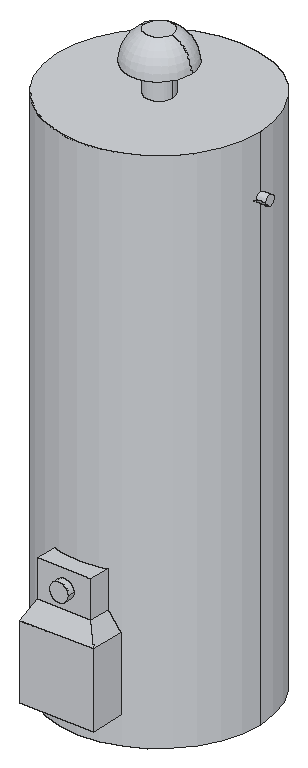
Revit family "Water Heater", category Mechanical Equipment, Revit 2027
Family settings
  Round Connector Dimension = Use Radius
  Part Type = Normal
  Classification Number = 23.65.35.11.11
  Work Plane-Based = No
  Always vertical = Yes
  Cut with Voids When Loaded = No
  Maintain Annotation Orientation = No
  Shared = No
  Room Calculation Point = No
Parameters (values of type "50 Gallon")
  Water Heater Radius = 0' - 11"
  Water Heater Material = none
  Water Heater Height = 4' - 9 3/4"
  Sanitary Radius = 1/4"
  Sanitary Diameter = Sanitary Radius * 2  # 1/2"
  Voltage = 240 V
  Vent Radius = 1 1/2"
  Vent Diameter = Vent Radius * 2  # 3"
  Number of Poles = 2
  Load Classification = Dwelling load >1.5 kW (CEC 8-200 25%)
  Hot Water Radius = 3/8"
  Hot Water Diameter = Hot Water Radius * 2  # 3/4"
  Default Elevation = 0' - 0"
  Cold Water Radius = 3/8"
  Cold Water Diameter = Cold Water Radius * 2  # 3/4"
  Apparent Load = 4500 VA
Reference planes (in)
  plane 1 "Center (Front/Back)": y = 0
  plane 2: z = 0
  plane 3 "Center (Left/Right)": x = 0
  plane 4: z = 57.75
  plane 5: z = 60.75
  plane 6: z = 3
  plane 7: z = 11
  plane 8: z = 13
  plane 9: z = 17
  plane 10: x = -4
  plane 11: x = 4
  plane 12: y = -11
  plane 13: y = -13.90625
  plane 14: x = -2.875
  plane 15: x = 2.875
  plane 16: y = -12.84375
  plane 17: z = 15
  plane 18: y = -13.59375
  plane 19: x = -11
  plane 20: x = 11
  plane 21: x = -7
  plane 22: x = 7
  plane 23: x = 1.5
  plane 24: x = -1.5
  plane 25: z = 63.91228
Forms (in)
  Extrusion 1, solid, material <- "Water Heater Material"
    sketch origin (0, 0, 0) x (1, 0, 0) y (0, 1, 0)
      loop
        circle (0, 0) r 11
    from 0 to 57.75
  Extrusion 2, solid, material <- "Water Heater Material"
    sketch origin (32.60646, 0, 63.5) x (1, 0, 0) y (0, 1, 0)
      loop
        circle (-32.60646, 0) r 1.5
    from -5.75 to 0.41228
  Extrusion 3, solid, material <- "Water Heater Material"
    sketch origin (32.60646, 0, 63.5) x (1, 0, 0) y (0, 1, 0)
      loop
        line (-36.60646, -10.24695) -> (-36.60646, -13.90625) -> (-28.60646, -13.90625) -> (-28.60646, -10.24695)
        arc (-28.60646, -10.24695) -> (-32.60646, -11) -> (-36.60646, -10.24695) r 11
    from -60.5 to -52.5
  Extrusion 4, solid, material <- "Water Heater Material"
    sketch origin (32.60646, 0, 63.5) x (1, 0, 0) y (0, 1, 0)
      loop
        line (-35.48146, -10.61764) -> (-35.48146, -12.84375) -> (-29.73146, -12.84375) -> (-29.73146, -10.61764)
        arc (-29.73146, -10.61764) -> (-32.60646, -11) -> (-35.48146, -10.61764) r 11
    from -50.5 to -46.5
  Blend 5, solid, material <- "Water Heater Material"
    base sketch origin (32.60646, 0, 63.5) x (1, 0, 0) y (0, 1, 0)
      loop
        line (-35.48146, -10.61764) -> (-35.48146, -12.84375) -> (-29.73146, -12.84375) -> (-29.73146, -10.61764)
        arc (-29.73146, -10.61764) -> (-32.60646, -11) -> (-35.48146, -10.61764) r 11
    top sketch origin (32.60646, 0, 63.5) x (1, 0, 0) y (0, 1, 0)
      loop
        line (-36.60646, -10.24695) -> (-36.60646, -13.90625) -> (-28.60646, -13.90625) -> (-28.60646, -10.24695)
        arc (-28.60646, -10.24695) -> (-32.60646, -11) -> (-36.60646, -10.24695) r 11
    from -50.5 to -52.5
  Extrusion 6, solid, material <- "Water Heater Material"
    sketch origin (0, 0, 0) x (1, 0, 0) y (0, 0, 1)
      loop
        circle (0, 15) r 1
    from 13.59375 to 12.84375
  Revolve 7, solid, material <- "Water Heater Material"
    sketch origin (0, 0, 0) x (1, 0, 0) y (0, 0, 1)
      loop
        arc (3.5, 60.75) -> (2.95804, 62.62083) -> (1.5, 63.91228) r 3.5
        line (1.5, 63.91228) -> (1.5, 60.75) -> (3.5, 60.75)
      axis (0, 63.91228) -> (0, 60.75)
    angle from 0 to 360
  Extrusion 8, solid, material <- "Water Heater Material"
    sketch origin (15.29996, 0, 63.5) x (1, 0, 0) y (0, 1, 0)
      loop
        circle (-22.29996, 0) r 0.5
    from -7.58256 to -5.75
  Extrusion 9, solid, material <- "Water Heater Material"
    sketch origin (-15.29996, 0, 63.5) x (-1, 0, 0) y (0, -1, 0)
      loop
        circle (-22.29996, 0) r 0.5
    from -7.58256 to -5.75
  Extrusion 10, solid, material <- "Water Heater Material"
    sketch origin (15.29996, 0, 63.5) x (1, 0, 0) y (0, 1, 0)
      loop
        circle (-15.29996, 0) r 0.25
    from -1 to 0.41228
  Extrusion 11, solid
    sketch origin (10.62992, 0, 51.45669) x (0, 1, 0) y (0, 0, 1)
      loop
        circle (0, 0) r 0.5315
    from 0 to 1.41732
Cuts and joins
  joined: Extrusion 2, Extrusion 3, Extrusion 4, Extrusion 6, Revolve 7, Extrusion 10
  joined: Extrusion 1, Extrusion 8, Extrusion 9
Lines and regions (in)
  symbolic lines
    curve 1: circle (0, 0, 63.5) r 11 normal (0, 0, 1)
  symbolic lines, detail levels fine
    curve 2: circle (0, 0, 63.5) r 1.5 normal (0, 0, 1)
    curve 3: circle (0, 0, 63.5) r 3.5 normal (0, 0, 1)
    curve 4: line (-4, -10.24695, 63.5) -> (-4, -13.90625, 63.5)
    curve 5: line (-4, -13.90625, 63.5) -> (4, -13.90625, 63.5)
    curve 6: line (4, -13.90625, 63.5) -> (4, -10.24695, 63.5)
    curve 7: line (2.875, -10.61764, 63.5) -> (2.875, -12.84375, 63.5)
    curve 8: line (2.875, -12.84375, 63.5) -> (-2.875, -12.84375, 63.5)
    curve 9: line (-2.875, -12.84375, 63.5) -> (-2.875, -10.61764, 63.5)
    curve 10: line (-2.875, -12.84375, 63.5) -> (-3.93566, -13.90441, 63.5)
    curve 11: line (2.875, -12.84375, 63.5) -> (3.9375, -13.90625, 63.5)
    curve 12: line (-1, -13.59375, 63.5) -> (1, -13.59375, 63.5)
    curve 13: line (1, -13.59375, 63.5) -> (1, -12.84375, 63.5)
    curve 14: line (-1, -13.59375, 63.5) -> (-1, -12.84375, 63.5)
Dimensions and locks (in)
  "Water Heater Height": plane 4 to plane 2
  plane 5 to plane 4 = 0' - 3"
  locked: plane 2 to plane 6 at 3
  plane 6 to plane 7 = 0' - 8"
  locked: plane 7 to plane 8 at 2
  locked: plane 8 to plane 9 at 4
  locked: plane 10 to plane 3 "Center (Left/Right)" at 4
  locked: plane 11 to plane 3 "Center (Left/Right)" at 4
  "Water Heater Radius": plane 12 to plane 1 "Center (Front/Back)"
  locked: plane 14 to plane 3 "Center (Left/Right)" at 2.875
  locked: plane 3 "Center (Left/Right)" to plane 15 at 2.875
  locked: plane 13 to plane 12 at 2.90625
  locked: plane 12 to plane 16 at 1.84375
  locked: plane 16 to plane 18 at 0.75
  "Water Heater Radius": plane 19 to plane 3 "Center (Left/Right)"
  "Water Heater Radius": plane 20 to plane 3 "Center (Left/Right)"
  locked: plane 19 to plane 21 at 4
  locked: plane 22 to plane 20 at 4
  locked: plane 5 to plane 25 at 3.16228
  "Water Heater Radius": radius of Extrusion 1 sketch curve
  "Water Heater Radius": radius of Extrusion 3 sketch curve
  "Water Heater Radius": radius of Extrusion 4 sketch curve
  "Water Heater Radius": radius of Blend 5 sketch curve  (x2)
  "Water Heater Radius": radius of curve 1
  radius of curve 2 = 0' - 1 1/2"
  radius of curve 3 = 0' - 3 1/2"
  aligned and locked: plane 4 to Extrusion 1
  aligned and locked: Extrusion 2 to plane 4
  aligned and locked: plane 3 "Center (Left/Right)" to Extrusion 2 sketch curve
  aligned and locked: plane 1 "Center (Front/Back)" to Extrusion 2 sketch curve
  aligned and locked: plane 1 "Center (Front/Back)" to Extrusion 3 sketch curve
  aligned and locked: plane 3 "Center (Left/Right)" to Extrusion 3 sketch curve
  aligned and locked: Extrusion 3 sketch curve to plane 13
  aligned and locked: plane 11 to Extrusion 3 sketch curve
  aligned and locked: Extrusion 3 sketch curve to plane 10
  aligned and locked: Extrusion 3 to plane 6
  aligned and locked: plane 7 to Extrusion 3
  aligned and locked: Extrusion 4 sketch curve to plane 14
  aligned and locked: plane 15 to Extrusion 4 sketch curve  (x2)
  aligned and locked: Extrusion 4 sketch curve to plane 16
  aligned and locked: Extrusion 4 to plane 8
  aligned and locked: plane 9 to Extrusion 4
  aligned and locked: plane 15 to Blend 5 sketch curve  (x2)
  aligned and locked: plane 14 to Blend 5 sketch curve
  aligned and locked: plane 3 "Center (Left/Right)" to Blend 5 sketch curve  (x2)
  aligned and locked: plane 1 "Center (Front/Back)" to Blend 5 sketch curve  (x2)
  aligned and locked: Blend 5 sketch curve to plane 16
  aligned and locked: plane 11 to Blend 5 sketch curve  (x2)
  aligned and locked: Blend 5 sketch curve to plane 13
  aligned and locked: Blend 5 to plane 8
  aligned and locked: Blend 5 to plane 7
  aligned and locked: Extrusion 6 to plane 18
  aligned and locked: plane 16 to Extrusion 6
  aligned and locked: plane 25 to Extrusion 2
  aligned and locked: plane 3 "Center (Left/Right)" to Revolve 7 sketch curve
  aligned and locked: plane 5 to Revolve 7 sketch curve  (x3)
  aligned and locked: plane 23 to Revolve 7 sketch curve
  aligned and locked: plane 10 to Blend 5 sketch curve
  aligned and locked: plane 3 "Center (Left/Right)" to curve 1
  aligned and locked: plane 1 "Center (Front/Back)" to curve 1
  aligned and locked: plane 3 "Center (Left/Right)" to curve 2
  aligned and locked: plane 1 "Center (Front/Back)" to curve 2
  aligned and locked: plane 3 "Center (Left/Right)" to curve 3
  aligned and locked: plane 1 "Center (Front/Back)" to curve 3
  aligned and locked: cut or joined group of Extrusion 2, Extrusion 3, Extrusion 4, Extrusion 6, Revolve 7, Extrusion 10 to plane 10
  aligned and locked: cut or joined group of Extrusion 2, Extrusion 3, Extrusion 4, Extrusion 6, Revolve 7, Extrusion 10 to plane 13
  aligned and locked: plane 15 to cut or joined group of Extrusion 2, Extrusion 3, Extrusion 4, Extrusion 6, Revolve 7, Extrusion 10
  aligned and locked: plane 11 to cut or joined group of Extrusion 2, Extrusion 3, Extrusion 4, Extrusion 6, Revolve 7, Extrusion 10
  aligned and locked: plane 13 to curve 11
  aligned and locked: plane 16 to curve 11
  aligned and locked: cut or joined group of Extrusion 2, Extrusion 3, Extrusion 4, Extrusion 6, Revolve 7, Extrusion 10 to plane 16
  aligned and locked: plane 15 to curve 7
  aligned and locked: plane 14 to curve 9
  aligned and locked: plane 21 to Extrusion 8 sketch curve
  aligned and locked: plane 1 "Center (Front/Back)" to Extrusion 8 sketch curve
  aligned and locked: Extrusion 1 to Extrusion 8
  aligned and locked: plane 3 "Center (Left/Right)" to Extrusion 10 sketch curve
  aligned and locked: plane 1 "Center (Front/Back)" to Extrusion 10 sketch curve
  aligned and locked: plane 4 to Extrusion 9
  aligned and locked: plane 25 to Extrusion 10
Automatic sketch dimensions
  Extrusion 1 sketch curve to plane 1 "Center (Front/Back)" = 0' - 0"
  Extrusion 1 sketch curve to plane 3 "Center (Left/Right)" = 0' - 0"
  curve 4 to plane 10 = 0' - 0"
  curve 14 to plane 18 = 0' - 0"
  curve 6 to plane 11 = 0' - 0"
  curve 6 to plane 13 = 0' - 0"
  plane 13 to curve 10 = 0' - 0.00184"
  plane 10 to curve 10 = 0' - 0.06434"
  curve 14 to plane 24 = 0' - 0 1/2"
  plane 23 to curve 13 = 0' - 0 1/2"
  curve 11 to plane 11 = 0' - 0 1/16"
  Extrusion 4 sketch curve to plane 1 "Center (Front/Back)" = 0' - 0"
  Extrusion 4 sketch curve to plane 3 "Center (Left/Right)" = 0' - 0"
  Extrusion 6 sketch curve to plane 3 "Center (Left/Right)" = 0' - 0"
  Extrusion 6 sketch curve to plane 17 = 0' - 0"
  Revolve 7 sketch curve to plane 3 "Center (Left/Right)" = 0' - 0"
  Revolve 7 sketch curve to plane 5 = 0' - 0"
  Revolve 7 sketch curve to plane 25 = 0' - 0"  (x2)
  Extrusion 9 sketch curve to plane 1 "Center (Front/Back)" = 0' - 0"
  Extrusion 9 sketch curve to plane 22 = 0' - 0"
  Extrusion 11 sketch curve to Extrusion 11 sketch curve = 0' - 0"  (x2)
  Extrusion 11 sketch curve to plane 1 "Center (Front/Back)" = 0' - 0"
  Extrusion 11 sketch curve to plane 4 = 0' - 6.29331"
  plane 1 "Center (Front/Back)" to Extrusion 11 sketch curve = 0' - 0.5315"
  radius of Extrusion 2 sketch curve = 0' - 1 1/2"
  radius of Extrusion 6 sketch curve = 0' - 1"
  radius of Extrusion 8 sketch curve = 0' - 0 1/2"
  radius of Extrusion 9 sketch curve = 0' - 0 1/2"
  radius of Extrusion 10 sketch curve = 0' - 0 1/4"
Connectors (in)
  piping at (7, 0, 57.75), diameter 0.75, driven by "Cold Water Radius"
    settings: on Extrusion 9, index 1, connector inside diameter 3/4", connector length 0' - 0", flow factor 0, pipe flow 0.000 GPM, pressure drop 0.00 psi, fitting loss kfactor 0, connector angle 0.00°, fixture units 0, engagement length 0' - 0", angle of deflection 0.00°, flow configuration 1, flow direction 1, fitting loss method 0, system type 20, joint type 0, gender type 0, connector reference index 2, connector utility 0, adjustable connector no, is connector primary yes, connector description "In"
  piping at (-7, 0, 57.75), diameter 0.75, driven by "Hot Water Radius"
    settings: on Extrusion 8, index 2, connector inside diameter 3/4", connector length 0' - 0", flow factor 0, pipe flow 0.000 GPM, pressure drop 0.00 psi, fitting loss kfactor 0, connector angle 0.00°, fixture units 0, engagement length 0' - 0", angle of deflection 0.00°, flow configuration 0, flow direction 2, fitting loss method 0, system type 19, joint type 0, gender type 0, connector reference index 1, connector utility 0, adjustable connector no, is connector primary no, connector description "Out"
  piping at (-2.875, -11.7307, 15), diameter 0.5, driven by "Sanitary Radius"
    settings: on cut or joined group of Extrusion 2, Extrusion 3, Extrusion 4, Extrusion 6, Revolve 7, Extrusion 10, index 3, connector inside diameter 1/2", connector length 0' - 0", flow factor 0, pipe flow 0.000 GPM, pressure drop 0.00 psi, fitting loss kfactor 0, connector angle 0.00°, fixture units 0, engagement length 0' - 0", angle of deflection 0.00°, flow configuration 1, flow direction 2, fitting loss method 0, system type 16, joint type 0, gender type 0, connector reference index -1, connector utility 0, adjustable connector yes, is connector primary no, connector description "Out"
  hvac at (0, 0, 63.91228), driven by "Vent Radius"
    settings: on Extrusion 10, index 4, duct flow 0 CFM, flow factor 0, pres drop 0.00 in-wg, loss coef 0, conn angle 0.00°, conn width 12", conn height 12", conn diameter 3", duct sys type 3, conn prof type 0, flow config 1, flow direction 2, loss method 0, conn ref index -1, conn util no, is conn primary yes, conn desc ""
  electrical at (2.875, -11.7307, 15), driven by "Apparent Load", driven by "Voltage", driven by "Number of Poles", driven by "Load Classification"
    settings: on cut or joined group of Extrusion 2, Extrusion 3, Extrusion 4, Extrusion 6, Revolve 7, Extrusion 10, index 5, voltage 240 V, apparent load 4500 VA, apparent load phase1 0 VA, apparent load phase2 0 VA, apparent load phase3 0 VA, power factor 0.8, load classification "Dwelling load >1.5 kW (CEC 8-200 25%)", number of poles 2, system type 30, power factor state 1, is connector primary yes, connector utility no, sub classification motor no, connector description ""
  piping at (12.04724, 0, 51.45669), diameter 0.75
    settings: on Extrusion 11, index 6, connector inside diameter 24", connector length 0' - 0", flow factor 0, pipe flow 0.000 GPM, pressure drop 0.00 psi, fitting loss kfactor 0, connector angle 0.00°, fixture units 0, engagement length 0' - 0", angle of deflection 0.00°, flow configuration 0, flow direction 2, fitting loss method 0, system type 22, joint type 0, gender type 0, connector reference index -1, connector utility 0, adjustable connector no, is connector primary no, connector description ""
